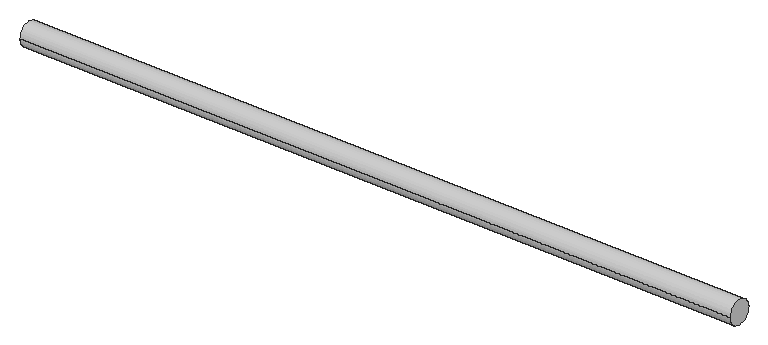
Revit family "267e858426ff4669ab967738ac955acf", category Structural Framing, Revit 2021
Family settings
  Structural Framing Length Roundoff = 0' - 0"
  Section Shape = Round Bar
  Material for Model Behavior = Steel
  Always export as geometry = No
  Family Name Key = Round Bars
  OmniClass Number = 23.25.30.11.14.14
  OmniClass Title = Beams
  Seek Item ID = Round Bar-0000-USA-ENU
  Always vertical = Yes
  Cut with Voids When Loaded = No
  Symbolic Representation = From Project Settings
  Shared = No
  Show family pre-cut in plan views = Yes
Parameters (values of type "RB 1 1/2")
  Torsional Moment of Inertia = 0.00 in⁴
  Torsional Modulus = 0.00 in³
  Structural Material [instance] = Steel ASTM A36
  Section Name Key = "RB 1 1/2"
  Section Area = 1.77 in²
  Principal Axes Angle = 0.00°
  Plastic Modulus weak axis = 0.56 in³
  Plastic Modulus strong axis = 0.56 in³
  Perimeter = 4.71 ft²/ft
  Nominal Weight = 0.00 lbf/ft
  Moment of Inertia weak axis = 0.25 in⁴
  Moment of Inertia strong axis = 0.25 in⁴
  Elastic Modulus weak axis = 0.33 in³
  Elastic Modulus strong axis = 0.33 in³
  Diameter = 0' - 1 1/2"
  Centroid Vertical = Diameter / 2  # 0.750"
  Centroid Horizontal = Diameter / 2  # 0.750"
  Assembly Code = "B10"
  Length [instance] = 5' - 0"
Reference planes (in)
  plane 1 "Center (Front/Back)": y = 0
  plane 2: z = 0
  plane 3 "Center (Left/Right)": x = 0.1815
  plane 4 "Member Left": x = -23.8185
  plane 5 "Member Right": x = 24.1815
  plane 6: y = 0.75
  plane 7: y = -0.75
  plane 8 "Top": z = 0.75
  plane 9: z = -0.75
  plane 10 "Left": x = -29.8185
  plane 11 "Right": x = 30.1815
Forms (in)
  Extrusion 1, solid, material "Steel ASTM A36" <- "Structural Material", detail levels medium+fine
    sketch origin (-23.8185, 0, 0) x (0, -1, 0) y (0, 0, 1)
      loop
        circle (0, 0) r 0.75
    from -48 to 0
Lines and regions (in)
  symbolic lines, style "Stick Symbols", detail levels coarse
    curve 1: spline (-23.8185, 0.75, 0) -> (-23.8185, 0.72444, 0.19411) -> (-23.8185, 0.64952, 0.375) -> (-23.8185, 0.53033, 0.53033) -> (-23.8185, 0.375, 0.64952) -> (-23.8185, 0.19411, 0.72444) -> (-23.8185, 0, 0.75) -> (-23.8185, -0.19411, 0.72444) -> (-23.8185, -0.375, 0.64952) -> (-23.8185, -0.53033, 0.53033) -> (-23.8185, -0.64952, 0.375) -> (-23.8185, -0.72444, 0.19411) -> (-23.8185, -0.75, 0)
    curve 2: spline (-23.8185, 0.75, 0) -> (-23.8185, 0.72444, -0.19411) -> (-23.8185, 0.64952, -0.375) -> (-23.8185, 0.53033, -0.53033) -> (-23.8185, 0.375, -0.64952) -> (-23.8185, 0.19411, -0.72444) -> (-23.8185, 0, -0.75) -> (-23.8185, -0.19411, -0.72444) -> (-23.8185, -0.375, -0.64952) -> (-23.8185, -0.53033, -0.53033) -> (-23.8185, -0.64952, -0.375) -> (-23.8185, -0.72444, -0.19411) -> (-23.8185, -0.75, 0)
Dimensions and locks (in)
  "Diameter": plane 6 to plane 7
  "Diameter": plane 9 to plane 8 "Top"
  equal spacing: plane 9, plane 2, plane 8 "Top"
  equal spacing: plane 6, plane 1 "Center (Front/Back)", plane 7
  "Length": plane 10 "Left" to plane 11 "Right"
  "Diameter": diameter of Extrusion 1 sketch curve
  aligned and locked: plane 1 "Center (Front/Back)" to Extrusion 1 sketch curve
  aligned and locked: level to Extrusion 1 sketch curve
  aligned and locked: Extrusion 1 to plane 5 "Member Right"
  aligned and locked: plane 4 "Member Left" to Extrusion 1
  aligned and locked: plane 6 to curve 2
  aligned and locked: plane 7 to curve 2
  aligned and locked: plane 8 "Top" to curve 1
  aligned and locked: plane 9 to curve 2
